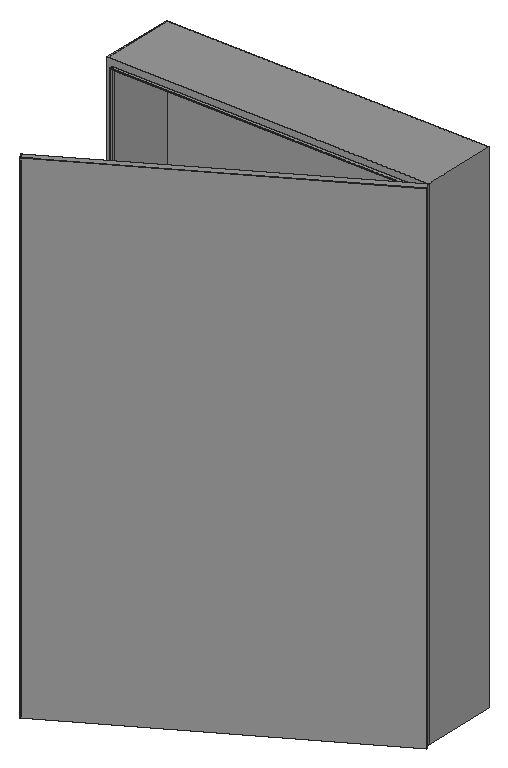
Revit family "Hager-Univers-IP54-D205-H1250-Cl.I-Encl-NoHosted-CH-fr", category Electrical Equipment, Revit 2020
Family settings
  Panel Configuration = Two Columns, Circuits Across
  Round Connector Dimension = Use Diameter
  Part Type = Panelboard
  Work Plane-Based = Yes
  Always vertical = Yes
  Cut with Voids When Loaded = No
  Shared = No
  Room Calculation Point = No
Parameters (values of type "saillie IP54 L800 H1250 P205  - FP83TW2")
  Width Control [instance] = if([EF000008 - largeur] > Min Width, [EF000008 - largeur], Min Width)  # 800 mm
  Type Comments = [HG000003 - Gamme]  # "Univers"
  Thickness Door [instance] = if([EF009171 - épaisseur de matériau de la porte/du couvercle] > 3 mm, 3 mm, [EF009171 - épaisseur de matériau de la porte/du couvercle])  # 1 mm
  Seal Frame Offset [instance] = 17 mm  # constant formula
  Plinth Visibility [instance] = [HG000027 - Hauteur du socle] > 0 mm  # no
  Min Width [instance] = 100 mm  # constant formula
  Min Depth [instance] = (2 * [EF009170 - épaisseur de matériau du boîtier]) + 1 mm  # 3 mm
  Min Height [instance] = 100 mm  # constant formula
  Internal Frame Depth [instance] = (Door System Depth * 0.5)  # 9 mm
  Panel Name [instance] = ""  # (empty or 0)
  Model = ""
  HG000027 - Hauteur du socle = 0 mm
  HG000026 - Installation au sol = no
  HG000024 - Hauteur de la section basse = 600 mm
  HG000023 - Armoire double section = no
  HG000016 - Visibilité de la porte 3D [instance] = yes
  HG000015 - Visibilité de l'emprise de la porte [instance] = no
  HG000014 - Porte à droite [instance] = yes
  HG000013 - Porte à gauche [instance] = not([HG000014 - Porte à droite])  # no
  HG000012 - Angle de pivotement de la porte [instance] = 30.00°
  HG000010 - Portes asymétriques = no
  HG000009 - Porte à double battant = no
  HG000006 - Encastré = no
  HG000004 - Référence fabricant = "FP83TW2"
  HG000003 - Gamme = "Univers"
  HG000002 - avec porte = yes
  Frame Offset Bottom [instance] = 10 mm  # constant formula
  Frame Offset [instance] = 15 mm  # constant formula
  EF015940 - couvercle avec décharge de pression = no
  EF011959 - degré de protection (NEMA) = ""
  EF009554 - nombre d'ouvertures pour plaques à bride = 6
  EF009212 - finition du couvercle = "EV000116 - fermé"
  EF009171 - épaisseur de matériau de la porte/du couvercle = 1 mm
  EF009170 - épaisseur de matériau du boîtier = 1 mm
  EF008873 - courant nominal (In) = 250 A
  EF007800 - adapté à un parafoudre = no
  EF006306 - avec serrure = no
  EF006244 - couvercle/porte transparent(e) = no
  EF005474 - indice de protection (IP) = "EV006419 - IP54"
  EF004464 - type de porte = "EV002646 - unique"
  EF004427 - nombre de modules = 288
  EF004293 - indice de protection contre les chocs (IK) = "EV006815 - IK09"
  EF003532 - convient pour utilisation à l’extérieur = no
  EF002950 - largeur en nombre de modules = 36
  EF001613 - maintien de fonction = "EV000494 - sans"
  EF001596 - matériau du boîtier/corps = "EV000179 - acier"
  EF001131 - profondeur intérieure = 130 mm
  EF001088 - possibilité de montage en saillie = yes
  EF000437 - nombre d'entrées de conduit = 6
  EF000339 - type de capot = "EV001012 - couvercle"
  EF000266 - nombre de rangées = 8
  EF000218 - profondeur d'encastrement = 205 mm
  EF000118 - avec cadre/support de montage = no
  EF000116 - numéro RAL = "9010"
  EF000049 - profondeur = 205 mm
  EF000040 - hauteur = 1250 mm
  EF000008 - largeur = 800 mm
  EF000007 - couleur = "EV000202 - blanc"
  EF000003 - mode de pose = "EV000384 - saillie"
  Door System Leaf Tolerance [instance] = 1.5 mm  # constant formula
  Door System Depth [instance] = 18 mm  # constant formula
  Door Height [instance] = Height Control - [HG000027 - Hauteur du socle]  # 1250 mm
  Description = ""
  Default Elevation = 1219.2 mm
  Connector Offset [instance] = Height Control / 2  # 625 mm
  Manufacturer = "Hager"  # constant formula
  Height Control [instance] = if([EF000040 - hauteur] > Min Height, [EF000040 - hauteur], Min Height)  # 1250 mm
  Depth Control [instance] = if([EF000049 - profondeur] > Min Depth, [EF000049 - profondeur], Min Depth)  # 205 mm
  Bottom Top Plate Trim [instance] = 1.5 mm  # constant formula
  Plinth height Ctrl [instance] = if([HG000027 - Hauteur du socle] > 0 mm, [HG000027 - Hauteur du socle], 12 mm)  # 12 mm
Types (5, lengths in mm): name | Width Control | HG000004 - Référence fabricant | EF009554 - nombre d'ouvertures pour plaques à bride | EF004464 - type de porte | EF004427 - nombre de modules | EF002950 - largeur en nombre de modules | EF000437 - nombre d'entrées de conduit | EF000008 - largeur
  saillie IP54 L1050 H1250 P205  - FP84TW2 | 1050 | "FP84TW2" | 8 | "EV003602 - double" | 384 | 48 | 8 | 1050
  saillie IP54 L1300 H1250 P205  - FP85TW2 | 1300 | "FP85TW2" | 10 | "EV003602 - double" | 480 | 60 | 10 | 1300
  saillie IP54 L300 H1250 P205  - FP81TW2 | 300 | "FP81TW2" | 2 | "EV002646 - unique" | 96 | 12 | 2 | 300
  saillie IP54 L550 H1250 P205  - FP82TW2 | 550 | "FP82TW2" | 4 | "EV002646 - unique" | 192 | 24 | 4 | 550
  saillie IP54 L800 H1250 P205  - FP83TW2 | 800 | "FP83TW2" | 6 | "EV002646 - unique" | 288 | 36 | 6 | 800
Reference planes
  plane 1 "Center (Front/Back)": y = 0
  plane 2: z = 0
  plane 3 "Center (Left/Right)": x = 0
  plane 4: y = 0
  plane 5: y = 0
  plane 6: z = 0
  plane 7: x = -400
  plane 8: x = 400
  plane 9: x = 399
  plane 10: x = -399
  plane 11: z = 0
  plane 12: z = 1
  plane 13: y = -205
  plane 14: y = -1
  plane 15: x = 0
  plane 16: y = -187
  plane 17: y = -204
  plane 18: y = -186
  plane 19: x = -384
  plane 20: x = 384
  plane 21: z = 11
  plane 22: x = -383
  plane 23: x = 383
  plane 24: z = 0
  plane 25: z = 1250
  plane 26: z = 1250
  plane 27: z = 1234
  plane 28: z = 1249
Forms (mm)
  Extrusion 1, solid, material "Hager_Steel_RAL7035_Light_Grey", detail levels medium+fine
    sketch origin (-208.679, -4572, 0) x (-1, 0, 0) y (0, -1, 0)
      loop
        line (191.321, -4385) -> (-608.679, -4385) -> (-608.679, -4572) -> (191.321, -4572) -> (191.321, -4385)
    from 0 to 1250
  Extrusion 2, void
    sketch origin (-350.771, -205, 1219.2) x (1, 0, 0) y (0, 0, 1)
      loop
        line (-48.229, 29.8) -> (-48.229, -1218.2) -> (749.771, -1218.2) -> (749.771, 29.8) -> (-48.229, 29.8)
    from -19 to -204
  Extrusion 3, void
    sketch origin (-290.084, -187, 1219.2) x (1, 0, 0) y (0, 0, 1)
      loop
        line (-93.916, -1208.2) -> (674.084, -1208.2) -> (674.084, 14.8) -> (-93.916, 14.8) -> (-93.916, -1208.2)
    from 0 to -1
  Extrusion 4, solid, material "Hager_Steel_RAL7035_Light_Grey", visible <- "Plinth Visibility", detail levels medium+fine
    sketch origin (0, 0, 0) x (1, 0, 0) y (0, 1, 0)
      loop
        line (-400, 0) -> (-400, -187) -> (400, -187) -> (400, 0) -> (-400, 0)
    from 0 to 12 <- "Plinth height Ctrl"
  Extrusion 5, solid, material "Hager_Steel_RAL7035_Light_Grey", detail levels coarse
    sketch origin (0, 0, 0) x (1, 0, 0) y (0, 1, 0)
      loop
        line (-400, 0) -> (-400, -205) -> (400, -205) -> (400, 0) -> (-400, 0)
    from 0 to 1250 <- "Height Control"
  Sweep 6, void
    path in 3D
      loop
        line (-400, -187, 12) -> (400, -187, 12) -> (400, 0, 12) -> (-400, 0, 12) -> (-400, -187, 12)
    profile origin (-400, -93.5, 12) x (1, 0, 0) y (0, 0, 1)
      loop
        line (0, 0) -> (0, -1.5) -> (1.5, -1.5)
        arc (1.5, -1.5) -> (1.061, -0.439) -> (0, 0) r 1.5
  Extrusion 7, solid, material "Hager_Steel_RAL7035_Light_Grey", detail levels fine
    sketch origin (-400, -187, 0) x (1, 0, 0) y (0, 0, 1)
      loop
        line (16, 11) -> (784, 11) -> (784, 1234) -> (16, 1234) -> (16, 11)
      loop
        line (15, 10) -> (785, 10) -> (785, 1235) -> (15, 1235) -> (15, 10)
    from 0 to 9 <- "Internal Frame Depth"
Cuts and joins
  Extrusion 2, Extrusion 3 cuts Extrusion 1
  Sweep 6 cuts Extrusion 4
Lines and regions (mm)
  Masking region 1
    outline origin (0, 0, 0) x (1, 0, 0) y (0, 1, 0)
      loop
        line (-400, 0) -> (-400, -205) -> (400, -205) -> (400, 0) -> (-400, 0)
  Masking region 2, detail levels coarse
    outline origin (-290.084, -187, 1219.2) x (-1, 0, 0) y (0, 0, 1)
      loop
        line (-690.084, -1219.2) -> (109.916, -1219.2) -> (109.916, 30.8) -> (-690.084, 30.8) -> (-690.084, -1219.2)
  Masking region 3, detail levels coarse
    outline origin (0, 0, 0) x (0, 1, 0) y (0, 0, 1)
      loop
        line (0, 0) -> (0, 1250) -> (-205, 1250) -> (-205, 0) -> (0, 0)
  Masking region 4, visible <- "Plinth Visibility", detail levels medium+fine
    outline origin (0, 0, 0) x (0, 1, 0) y (0, 0, 1)
      loop
        line (-1.5, 12) -> (-185.5, 12)
        arc (-185.5, 12) -> (-185.939, 10.939) -> (-187, 10.5) r 1.5
        line (-187, 10.5) -> (-187, 0) -> (0, 0) -> (0, 10.5)
        arc (0, 10.5) -> (-1.061, 10.939) -> (-1.5, 12) r 1.5
  Masking region 5, detail levels medium+fine
    outline origin (0, 0, 594.038) x (0, 1, 0) y (0, 0, 1)
      loop
        line (0, -594.038) -> (0, 655.962) -> (-187, 655.962) -> (-187, -594.038) -> (0, -594.038)
  Masking region 6, detail levels medium+fine
    outline origin (-359.7, -187, 1211.883) x (-1, 0, 0) y (0, 0, 1)
      loop
        line (-759.7, -1211.883) -> (40.3, -1211.883) -> (40.3, 38.117) -> (-759.7, 38.117) -> (-759.7, -1211.883)
  Masking region 7, visible <- "Plinth Visibility", detail levels medium+fine
    outline origin (-320.334, -187, 1041.368) x (-1, 0, 0) y (0, 0, 1)
      loop
        line (-720.334, -1041.368) -> (79.666, -1041.368) -> (79.666, -1030.868)
        arc (79.666, -1030.868) -> (78.606, -1030.429) -> (78.166, -1029.368) r 1.5
        line (78.166, -1029.368) -> (-718.834, -1029.368)
        arc (-718.834, -1029.368) -> (-719.273, -1030.429) -> (-720.334, -1030.868) r 1.5
        line (-720.334, -1030.868) -> (-720.334, -1041.368)
  sketch lines
    curve 1: line (-400, 0, 12) -> (-400, -187, 12)
    curve 2: line (-400, -187, 12) -> (400, -187, 12)
    curve 3: line (400, 0, 12) -> (-400, 0, 12)
    curve 4: line (400, -187, 12) -> (400, 0, 12)
Dimensions and locks
  locked: plane 1 "Center (Front/Back)" to plane 5
  "EF009170 - épaisseur de matériau du boîtier": plane 7 to plane 10
  "EF009170 - épaisseur de matériau du boîtier": plane 8 to plane 9
  equal spacing: plane 7, plane 3 "Center (Left/Right)", plane 8
  "Width Control": plane 7 to plane 8
  "Depth Control": plane 4 to plane 13
  "EF009170 - épaisseur de matériau du boîtier": plane 4 to plane 14
  "Height Control": plane 25 to level
  "HG000027 - Hauteur du socle": plane 11 to level
  "EF009170 - épaisseur de matériau du boîtier": plane 12 to plane 11
  "EF009170 - épaisseur de matériau du boîtier": plane 17 to plane 13
  "EF009170 - épaisseur de matériau du boîtier": plane 18 to plane 16
  "Frame Offset Bottom": plane 21 to plane 12
  "Frame Offset": plane 10 to plane 19
  "Frame Offset": plane 9 to plane 20
  "Door System Depth": plane 16 to plane 13
  "Seal Frame Offset": plane 7 to plane 22
  "Seal Frame Offset": plane 8 to plane 23
  "EF009170 - épaisseur de matériau du boîtier": plane 26 to plane 28
  "Frame Offset": plane 28 to plane 27
  "Connector Offset": plane 2 to connector elem
  "Bottom Top Plate Trim": profile plane to Sweep 6 sketch curve
  "Bottom Top Plate Trim": Sweep 6 sketch curve to Sweep 6 sketch curve
  "Plinth height Ctrl": Masking region 4 sketch curve to level
  "Plinth height Ctrl": Masking region 7 sketch curve to level
  "Thickness Door": Extrusion 7 sketch curve to Extrusion 7 sketch curve  (x4)
  "Bottom Top Plate Trim": radius of Sweep 6 sketch curve
  "Bottom Top Plate Trim": radius of Masking region 4 sketch curve  (x2)
  "Bottom Top Plate Trim": radius of Masking region 7 sketch curve  (x2)
  aligned and locked: Extrusion 2 sketch curve to plane 12
  aligned and locked: Extrusion 2 sketch curve to plane 9
  aligned and locked: Extrusion 2 sketch curve to plane 10
  aligned and locked: Extrusion 2 to plane 14
  aligned and locked: Extrusion 1 sketch curve to plane 4
  aligned and locked: plane 8 to Extrusion 1 sketch curve
  aligned and locked: plane 7 to Extrusion 1 sketch curve
  aligned and locked: Extrusion 2 to plane 18
  aligned and locked: Extrusion 3 sketch curve to plane 19
  aligned and locked: plane 20 to Extrusion 3 sketch curve
  aligned and locked: Extrusion 3 to Extrusion 2
  aligned and locked: Extrusion 3 sketch curve to plane 21
  aligned and locked: plane 3 "Center (Left/Right)" to nested 1
  aligned and locked: Extrusion 1 sketch curve to plane 16
  aligned and locked: Extrusion 4 sketch curve to cut or joined group of Extrusion 1, Extrusion 2, Extrusion 3
  aligned and locked: Masking region 1 sketch curve to plane 7
  aligned and locked: Masking region 1 sketch curve to plane 5
  aligned and locked: Masking region 1 sketch curve to plane 8
  aligned and locked: Masking region 2 sketch curve to level
  aligned and locked: level to Masking region 3 sketch curve
  aligned and locked: plane 1 "Center (Front/Back)" to Masking region 3 sketch curve
  aligned and locked: plane 13 to Masking region 3 sketch curve
  aligned and locked: plane 5 to Masking region 4 sketch curve
  aligned and locked: Masking region 2 sketch curve to plane 8
  aligned and locked: Masking region 2 sketch curve to plane 7
  aligned and locked: plane 7 to nested 2
  aligned and locked: nested 2 to plane 5
  aligned and locked: plane 5 to Masking region 5 sketch curve
  aligned and locked: plane 26 to Masking region 5 sketch curve
  aligned and locked: Extrusion 5 sketch curve to plane 8
  aligned and locked: Extrusion 5 sketch curve to plane 7
  aligned and locked: Extrusion 5 sketch curve to plane 5
  aligned and locked: Extrusion 3 sketch curve to plane 27
  aligned and locked: Extrusion 2 sketch curve to plane 28
  aligned and locked: Masking region 2 to plane 25
  aligned and locked: Extrusion 4 to plane 16
  aligned and locked: profile plane to Sweep 6 sketch curve
  aligned and locked: Masking region 5 sketch curve to plane 24
  aligned and locked: level to Masking region 4 sketch curve
  aligned and locked: Masking region 1 to plane 13
  aligned and locked: nested 1 to plane 16
  aligned and locked: Masking region 3 to plane 25
  aligned and locked: plane 16 to Masking region 4 sketch curve
  aligned and locked: Masking region 5 sketch curve to plane 16
  aligned and locked: plane 24 to plane 11
  aligned and locked: plane 26 to plane 25
  aligned and locked: plane 26 to cut or joined group of Extrusion 1, Extrusion 2, Extrusion 3
  aligned and locked: nested 1 to plane 24
  aligned and locked: Extrusion 1 to Extrusion 3
  aligned and locked: Masking region 6 sketch curve to plane 8
  aligned and locked: Masking region 6 sketch curve to plane 24
  aligned and locked: Masking region 6 sketch curve to plane 7
  aligned and locked: Masking region 6 sketch curve to plane 26
  aligned and locked: Masking region 7 sketch curve to plane 7
  aligned and locked: level to Masking region 7 sketch curve
  aligned and locked: Masking region 7 sketch curve to plane 8
  aligned and locked: Extrusion 7 sketch curve to cut or joined group of Extrusion 1, Extrusion 2, Extrusion 3  (x4)
Automatic sketch dimensions
  plane 19 to Extrusion 3 sketch curve = 0 mm
  Extrusion 3 sketch curve to plane 20 = 0 mm
  Extrusion 3 sketch curve to plane 21 = 0 mm
  Extrusion 4 sketch curve to plane 7 = 0 mm
  Extrusion 4 sketch curve to plane 8 = 0 mm
  Extrusion 4 sketch curve to plane 16 = 0 mm
  Masking region 1 sketch curve to plane 13 = 0 mm
  Masking region 2 sketch curve to plane 25 = 0 mm
  Masking region 3 sketch curve to plane 25 = 0 mm
  Extrusion 5 sketch curve to plane 13 = 0 mm
  profile plane to Sweep 6 sketch curve = 0 mm
Nested families
  nested 1: "EC000058_Univers_Door" at (0, -187, 0), Double <- "HG000009 - Porte à double battant", Transparent <- "EF006244 - couvercle/porte transparent(e)", Angle <- "HG000012 - Angle de pivotement de la porte", Door_Right <- "HG000014 - Porte à droite", Assymetrical <- "HG000010 - Portes asymétriques", Door <- "HG000002 - avec porte", Width_Ctrl <- "Width Control", 3d_Door <- "HG000016 - Visibilité de la porte 3D", Clearance <- "HG000015 - Visibilité de l'emprise de la porte", Door_Left <- "HG000013 - Porte à gauche", Width <- "Width Control", Door_Depth <- "Door System Depth", Leaf_Tolerance <- "Door System Leaf Tolerance", Height <- "Door Height", Lock_Visibility <- "EF006306 - avec serrure", Thickness <- "Thickness Door", type "EC000058_Univers_Door", detail levels medium+fine
    with min_wh 3 mm, Width_Ctrl 800 mm, Width 800 mm, Transparent no, Thickness 1 mm, Seal_Material Hager_Rubber, Lock_Visibility no, Lock_Material Hager_Plastic_RAL9005_Jet_Black, Leaf_Width 800 mm, Leaf_Tolerance_External_Sides 0 mm, Leaf_Tolerance 1.5 mm, Leaf_Offset 0 mm, Leaf_Height 1247 mm, Leaf_2_Width 800 mm, Leaf_2_Offset 400 mm, Leaf_1_Width 800 mm, Leaf_1_Offset 400 mm, Height_Ctrl 1250 mm, Height 1250 mm, Glass_Material Hager_Glass, Double_Clearance_Ctrl no, Double no, Door_Right_Ctrl yes, Door_Right yes, Door_Material Hager_Steel_RAL7035_Light_Grey, Door_Left_Ctrl no, Door_Left no, Door_Depth 18 mm, Door yes, Clearance_Material Hager_Clearance, Clearance_Depth 800 mm, Clearance_Ctrl no, Clearance no, Assymetrical no, Angle 30.00°, 3d_Door yes
  nested 2: "Hager_Enclosure_Symbol" at (-400, 0, 0), Height <- "Depth Control", Width <- "Width Control", type "Hager_Enclosure_Symbol"
    with Width_Ctrl 800 mm, Width 800 mm, Height_Ctrl 205 mm, Height 205 mm, A_Width_Int 13.453 mm, A_Width 161.438 mm, A_Height_Ctrl 179.375 mm, A_Height 179.375 mm
Connectors
  electrical at (0, 0, 625)
    settings: on plane 1 "Center (Front/Back)", index 1, voltage 0 V, apparent load 0 VA, apparent load phase1 0 VA, apparent load phase2 0 VA, apparent load phase3 0 VA, power factor 1, load classification "Other", number of poles 1, system type 30, power factor state 1, is connector primary yes, connector utility no, sub classification motor no, connector description ""
Definition of nested family "EC000058_Univers_Door"
  Parameters (values of type "EC000058_Univers_Door")
    min_wh [instance] = (2 * Thickness) + 1 mm  # 11 mm
    Width_Ctrl [instance] = 400 mm
    Width [instance] = 500 mm
    Transparent [instance] = yes
    Thickness [instance] = 5 mm
    Seal_Material [instance] = none
    Lock_Visibility [instance] = yes
    Lock_Material [instance] = none
    Leaf_Width [instance] = if((Width_Ctrl - 2 * Leaf_Tolerance_External_Sides) > 0 mm, (Width_Ctrl - 2 * Leaf_Tolerance_External_Sides), min_wh)  # 400 mm
    Leaf_Tolerance_External_Sides [instance] = 0 mm  # constant formula
    Leaf_Tolerance [instance] = 1.5 mm
    Leaf_Offset [instance] = 0 mm  # constant formula
    Leaf_Height [instance] = if((Height_Ctrl - 2 * Leaf_Tolerance) > 0 mm, (Height_Ctrl - 2 * Leaf_Tolerance), min_wh)  # 497 mm
    Leaf_2_Width [instance] = if(and(and(Double, Assymetrical), Door_Left), (Leaf_Width / 3) - (Leaf_Tolerance / 2), if(and(and(Double, Assymetrical), Door_Right), (Leaf_Width / 3) * 2 - (Leaf_Tolerance / 2), if(and(Double, not(Assymetrical)), (Leaf_Width / 2) - Leaf_Tolerance, Leaf_Width)))  # 400 mm
    Leaf_2_Offset [instance] = if(and(Double, Assymetrical), Leaf_2_Width / 2, if(and(Double, not(Assymetrical)), Leaf_Width / 4, Leaf_Width / 2))  # 200 mm
    Leaf_1_Width [instance] = if(and(and(Double, Assymetrical), Door_Right), (Leaf_Width / 3) - (Leaf_Tolerance / 2), if(and(and(Double, Assymetrical), Door_Left), (Width / 3) * 2 - (Leaf_Tolerance / 2), if(and(Double, not(Assymetrical)), (Leaf_Width / 2) - Leaf_Tolerance, Leaf_Width)))  # 400 mm
    Leaf_1_Offset [instance] = if(and(Double, Assymetrical), Leaf_1_Width / 2, if(and(Double, not(Assymetrical)), Leaf_Width / 4, Leaf_Width / 2))  # 200 mm
    Height_Ctrl [instance] = if(Height > min_wh, Height, min_wh)  # 500 mm
    Height [instance] = 500 mm
    Glass_Material [instance] = none
    Double_Clearance_Ctrl [instance] = and(Double, Clearance)  # no
    Double [instance] = no
    Door_Right_Ctrl [instance] = and(or(Door_Right, Double), Door)  # yes
    Door_Right [instance] = yes
    Door_Material [instance] = none
    Door_Left_Ctrl [instance] = and(or(Door_Left, Double), Door)  # no
    Door_Left [instance] = no
    Door_Depth [instance] = 30 mm
    Door [instance] = yes
    Default Elevation = 1219.2 mm
    Clearance_Material [instance] = none
    Clearance_Depth [instance] = if(Leaf_1_Width > Leaf_2_Width, Leaf_1_Width, Leaf_2_Width)  # 400 mm
    Clearance_Ctrl [instance] = and(not(Double), Clearance)  # yes
    Clearance [instance] = yes
    Assymetrical [instance] = yes
    Angle [instance] = 30.00°
    3d_Door [instance] = yes
  Reference planes
    plane 1 "Center (Front/Back)": y = 0
    plane 2 "Bottom": z = 0
    plane 3 "Center (Left/Right)": x = 0
    plane 4: z = 500
    plane 5: x = -200
    plane 6: x = 200
    plane 7: z = 500
    plane 8: x = -200
    plane 9: z = 0
    plane 10: x = 200
    plane 11: y = 0
    plane 12: z = 1.5
    plane 13: x = -600
    plane 14: y = -400
    plane 15: x = 600
    plane 16: x = 0
    plane 17: x = 0
    plane 18: x = -200
    plane 19: x = 200
    plane 20: z = 498.5
  Forms (mm)
    Extrusion 1, solid, material <- "Clearance_Material", visible <- "Double_Clearance_Ctrl"
      sketch origin (1200, 0, 0) x (1, 0, 0) y (0, 0, -1)
        loop
          line (-1800, -498.5) -> (-600, -498.5) -> (-600, 0) -> (-1800, 0) -> (-1800, -498.5)
      from 0 to -400
  Dimensions and locks
    equal spacing: plane 5, plane 3 "Center (Left/Right)", plane 6
    "Width_Ctrl": plane 5 to plane 6
    "Leaf_Offset": plane 5 to plane 8
    "Leaf_Offset": plane 6 to plane 10
    "Leaf_Offset": plane 9 to level
    "Leaf_Offset": plane 4 to plane 7
    "Height_Ctrl": plane 4 to level
    "Leaf_Tolerance": plane 12 to plane 9
    locked: plane 11 to plane 1 "Center (Front/Back)"
    "Leaf_1_Offset": plane 18 to plane 16
    "Leaf_2_Offset": plane 17 to plane 19
    "Leaf_1_Width": plane 13 to plane 8
    "Leaf_2_Width": plane 10 to plane 15
    "Clearance_Depth": plane 14 to plane 1 "Center (Front/Back)"
    "Leaf_Tolerance_External_Sides": plane 8 to plane 18
    "Leaf_Tolerance_External_Sides": plane 19 to plane 10
    "Leaf_Tolerance": plane 7 to plane 20
    aligned and locked: level to plane 2 "Bottom"
    aligned and locked: nested 1 to plane 16
    aligned and locked: nested 2 to plane 17
    aligned and locked: Extrusion 1 to plane 13
    aligned and locked: plane 15 to Extrusion 1
    aligned and locked: Extrusion 1 to plane 14
    aligned and locked: plane 12 to nested 1
    aligned and locked: nested 2 to plane 12
    aligned and locked: Extrusion 1 to plane 11
    aligned and locked: plane 20 to Extrusion 1
    aligned and locked: nested 2 to plane 11
    aligned and locked: nested 1 to plane 11
  Automatic sketch dimensions
    Extrusion 1 sketch curve to level = 0 mm
    plane 5 to Extrusion 1 sketch curve = 400 mm
    plane 6 to Extrusion 1 sketch curve = 400 mm
    Extrusion 1 sketch curve to plane 4 = 1.5 mm
  Nested families
    nested 1: "EC000058_Univers_Door_Leaf" at (0, 0, 1.5), Width <- "Leaf_1_Width", visible <- "Door_Left_Ctrl", Leaf_Height <- "Leaf_Height", Angle <- "Angle", 3d_Door <- "3d_Door", Transparent <- "Transparent", Clearance Material <- "Clearance_Material", Clearance <- "Clearance_Ctrl", Door_Material <- "Door_Material", Glass_Material <- "Glass_Material", Door_Depth <- "Door_Depth", Lock_Material <- "Lock_Material", Seal_Material <- "Seal_Material", Lock_Visibility <- "Lock_Visibility", Thickness <- "Thickness", type "EC000058_Univers_Door_Leaf"
      with Width 400 mm, Transparent_Glass_Offset 30 mm, Transparent_Ctrl yes, Transparent yes, Thickness 5 mm, Standard no, Seal_Material none, Seal_D2 8 mm, Seal_D1 1 mm, Offset_Internal_Frame 10 mm, Lock_Width 20 mm, Lock_Visibility_3d yes, Lock_Visibility yes, Lock_Thickness_3 3 mm, Lock_Thickness_2 1 mm, Lock_Thickness_1 3 mm, Lock_Radius_Offset_2 16 mm, Lock_Radius_Offset_1 15 mm, Lock_Radius_2 5 mm, Lock_Radius 6 mm, Lock_Offset 5 mm, Lock_Material none, Lock_Height 80 mm, Lock_Cover_Top_Offset_2d 17 mm, Lock_Cover_Height -65 mm, Leaf_Height 497 mm, Internal_Seal_Thickness 8 mm, Internal_Seal_Depth_2 4.5 mm, Internal_Frame_Depth 25 mm, Glass_Thickness -1 mm, Glass_Offset -2 mm, Glass_Material none, Door_Material none, Door_Depth 30 mm, Clearance Material none, Clearance yes, Angle_Ctrl 30.00°, Angle 30.00°, 3d_Door yes
    nested 2: "EC000058_Univers_Door_Leaf" at (0, 0, 1.5) x (-1, 0, 0) z (0, 0, 1), Width <- "Leaf_2_Width", visible <- "Door_Right_Ctrl", Leaf_Height <- "Leaf_Height", Angle <- "Angle", 3d_Door <- "3d_Door", Transparent <- "Transparent", Clearance Material <- "Clearance_Material", Clearance <- "Clearance_Ctrl", Door_Material <- "Door_Material", Glass_Material <- "Glass_Material", Door_Depth <- "Door_Depth", Lock_Material <- "Lock_Material", Seal_Material <- "Seal_Material", Lock_Visibility <- "Lock_Visibility", Thickness <- "Thickness", type "EC000058_Univers_Door_Leaf"
      with Width 400 mm, Transparent_Glass_Offset 30 mm, Transparent_Ctrl yes, Transparent yes, Thickness 5 mm, Standard no, Seal_Material none, Seal_D2 8 mm, Seal_D1 1 mm, Offset_Internal_Frame 10 mm, Lock_Width 20 mm, Lock_Visibility_3d yes, Lock_Visibility yes, Lock_Thickness_3 3 mm, Lock_Thickness_2 1 mm, Lock_Thickness_1 3 mm, Lock_Radius_Offset_2 16 mm, Lock_Radius_Offset_1 15 mm, Lock_Radius_2 5 mm, Lock_Radius 6 mm, Lock_Offset 5 mm, Lock_Material none, Lock_Height 80 mm, Lock_Cover_Top_Offset_2d 17 mm, Lock_Cover_Height -65 mm, Leaf_Height 497 mm, Internal_Seal_Thickness 8 mm, Internal_Seal_Depth_2 4.5 mm, Internal_Frame_Depth 25 mm, Glass_Thickness -1 mm, Glass_Offset -2 mm, Glass_Material none, Door_Material none, Door_Depth 30 mm, Clearance Material none, Clearance yes, Angle_Ctrl 30.00°, Angle 30.00°, 3d_Door yes
  Definition of nested family "EC000058_Univers_Door_Leaf"
    Parameters (values of type "EC000058_Univers_Door_Leaf")
      Width [instance] = 2000 mm
      Transparent_Glass_Offset [instance] = 30 mm
      Transparent_Ctrl [instance] = and(Transparent, [3d_Door])  # yes
      Transparent [instance] = yes
      Thickness [instance] = 5 mm
      Standard [instance] = and(not(Transparent), [3d_Door])  # no
      Seal_Material [instance] = none
      Seal_D2 [instance] = 8 mm  # constant formula
      Seal_D1 [instance] = 1 mm  # constant formula
      Offset_Internal_Frame [instance] = 10 mm  # constant formula
      Lock_Width [instance] = 20 mm  # constant formula
      Lock_Visibility_3d [instance] = and(Lock_Visibility, [3d_Door])  # yes
      Lock_Visibility [instance] = yes
      Lock_Thickness_3 [instance] = 3 mm  # constant formula
      Lock_Thickness_2 [instance] = 1 mm  # constant formula
      Lock_Thickness_1 [instance] = 3 mm  # constant formula
      Lock_Radius_Offset_2 [instance] = Lock_Radius_Offset_1 + 1 mm  # 16 mm
      Lock_Radius_Offset_1 [instance] = 15 mm  # constant formula
      Lock_Radius_2 [instance] = Lock_Radius - 1 mm  # 5 mm
      Lock_Radius [instance] = 6 mm  # constant formula
      Lock_Offset [instance] = 5 mm  # constant formula
      Lock_Material [instance] = none
      Lock_Height [instance] = 80 mm  # constant formula
      Lock_Cover_Top_Offset_2d [instance] = Lock_Radius_Offset_2 + 1 mm  # 17 mm
      Lock_Cover_Height [instance] = -(Lock_Height - Lock_Radius_Offset_1)  # -65 mm
      Leaf_Height [instance] = 2720.336 mm
      Internal_Seal_Thickness [instance] = 8 mm  # constant formula
      Internal_Seal_Depth_2 [instance] = 4.5 mm  # constant formula
      Internal_Frame_Depth [instance] = if(Door_Depth - Thickness > 5 mm, Door_Depth - Thickness, 5 mm)  # 25 mm
      Glass_Thickness [instance] = if(Thickness > 15 mm, Glass_Offset + 10 mm, -1 mm)  # -1 mm
      Glass_Offset [instance] = if(Thickness > 15 mm, -(Thickness + 10 mm) / 2, -2 mm)  # -2 mm
      Glass_Material [instance] = none
      Door_Material [instance] = none
      Door_Depth [instance] = 30 mm
      Default Elevation = 0 mm
      Clearance Material [instance] = none
      Clearance [instance] = yes
      Angle_Ctrl [instance] = if(Angle > 180.00°, 180.00°, Angle)  # 90.00°
      Angle [instance] = 90.00°
      3d_Door [instance] = yes
    Reference planes
      plane 1 "Center (Front/Back)": y = 0
      plane 2: z = 0
      plane 3 "Center (Left/Right)": x = 0
      plane 4: y = 2000
      plane 5: x = -1000
      plane 6: x = 1000
      plane 7: x = -3000
      plane 8: z = 2720.336
      plane 9: z = 30
      plane 10: z = 2690.336
      plane 11: x = 970
      plane 12: x = -970
      plane 13: y = -3
      plane 14: z = 107.833
      plane 15: y = -5
      plane 16: y = -223.314
      plane 17: x = -1000
      plane 18: z = 1360.168
      plane 19: y = 30
    Forms (mm)
      Extrusion 1, solid, material <- "Clearance Material", visible <- "Clearance"
        sketch origin (0, 0, 0) x (1, 0, 0) y (0, 0, 1)
          loop
            line (-3000, 2720.336) -> (-3000, 0) -> (1000, 0) -> (1000, 2720.336) -> (-3000, 2720.336)
        from 0 to -2000
      Extrusion 2, solid, material <- "Door_Material", visible <- "Standard", detail levels medium+fine
        sketch origin (-1000, 0, 0) x (0, 1, 0) y (-1, 0, 0)
          loop
            line (0, 30) -> (0, 25) -> (2000, 25) -> (2000, 30) -> (0, 30)
        from 0 to 2720.336 <- "Leaf_Height"
      Extrusion 3, solid, material <- "Door_Material", visible <- "Transparent_Ctrl", detail levels medium+fine
        sketch origin (-1000, 0, 0) x (0, 1, 0) y (-1, 0, 0)
          loop
            line (0, 25) -> (2000, 25) -> (2000, 30) -> (0, 30) -> (0, 25)
        from 0 to 2720.336 <- "Leaf_Height"
      Extrusion 4, void
        sketch origin (-1025, 2000, 0) x (0, 1, 0) y (0, 0, -1)
          loop
            line (-30, -2690.336) -> (-30, -30) -> (-1970, -30) -> (-1970, -2690.336) -> (-30, -2690.336)
        from 0 to 5 <- "Thickness"
      Sweep 5, solid, material <- "Seal_Material", visible <- "Transparent_Ctrl", detail levels fine
        path in 3D
          loop
            line (-1025, 30, 30) -> (-1025, 30, 2690.336) -> (-1025, 1970, 2690.336) -> (-1025, 1970, 30) -> (-1025, 30, 30)
        profile origin (-1025, 1000, 30) x (1, 0, 0) y (0, 0, 1)
          loop
            line (0, 0) -> (0, -8) -> (1, -8) -> (1, 0) -> (0, 0)
      Extrusion 6, solid, material <- "Glass_Material", visible <- "Transparent_Ctrl", detail levels medium+fine
        sketch origin (-1030, 0, 0) x (0, 1, 0) y (0, 0, -1)
          loop
            line (1970, -2690.336) -> (1970, -30) -> (30, -30) -> (30, -2690.336) -> (1970, -2690.336)
        from -2 <- "Glass_Offset" to -1 <- "Glass_Thickness"
      Extrusion 7, solid, material <- "Door_Material", visible <- "3d_Door", detail levels medium+fine
        sketch origin (-1025, 2000, 0) x (0, -1, 0) y (0, 0, -1)
          loop
            line (0, -2720.336) -> (2000, -2720.336) -> (2000, 0) -> (0, 0) -> (0, -2720.336)
          loop
            line (1995, -5) -> (5, -5) -> (5, -2715.336) -> (1995, -2715.336) -> (1995, -5)
        from 0 to 25 <- "Internal_Frame_Depth"
      Sweep 8, solid, material <- "Seal_Material", visible <- "Transparent_Ctrl", detail levels fine
        path in 3D
          loop
            line (-1025, 0, 0) -> (-1025, 2000, 0) -> (-1025, 2000, 2720.336) -> (-1025, 0, 2720.336) -> (-1025, 0, 0)
        profile origin (-1025, 0, 1360.168) x (1, 0, 0) y (0, 1, 0)
          loop
            line (0, 10) -> (2.975, 10)
            arc (2.975, 10) -> (4.053, 10.447) -> (4.5, 11.525) r 1.525
            line (4.5, 11.525) -> (4.5, 16.527)
            arc (4.5, 16.527) -> (4.069, 17.569) -> (3.027, 18) r 1.473
            line (3.027, 18) -> (0, 18) -> (0, 10)
      Extrusion 9, solid, material <- "Lock_Material", visible <- "Lock_Visibility_3d", detail levels fine
        sketch origin (-1030, 0, 0) x (0, 1, 0) y (0, 0, -1)
          loop
            arc (1993.5, -1400.168) -> (1994.561, -1399.729) -> (1995, -1398.668) r 1.5
            line (1995, -1398.668) -> (1995, -1320.168) -> (1975, -1320.168) -> (1975, -1398.668)
            arc (1975, -1398.668) -> (1975.439, -1399.729) -> (1976.5, -1400.168) r 1.5
            line (1976.5, -1400.168) -> (1993.5, -1400.168)
        from 3 <- "Lock_Thickness_1" to 0
      Blend 10, solid, material <- "Lock_Material", visible <- "Lock_Visibility_3d", detail levels fine
        base sketch origin (-1033, 0, 0) x (0, 1, 0) y (0, 0, -1)
          loop
            line (1975, -1320.168) -> (1975, -1398.668)
            arc (1975, -1398.668) -> (1975.439, -1399.729) -> (1976.5, -1400.168) r 1.5
            line (1976.5, -1400.168) -> (1993.5, -1400.168)
            arc (1993.5, -1400.168) -> (1994.561, -1399.729) -> (1995, -1398.668) r 1.5
            line (1995, -1398.668) -> (1995, -1320.168) -> (1975, -1320.168)
        top sketch origin (-1033, 0, 0) x (0, 1, 0) y (0, 0, -1)
          loop
            line (1976, -1320.168) -> (1976, -1398.668)
            arc (1976, -1398.668) -> (1976.146, -1399.022) -> (1976.5, -1399.168) r 0.5
            line (1976.5, -1399.168) -> (1993.5, -1399.168)
            arc (1993.5, -1399.168) -> (1993.854, -1399.022) -> (1994, -1398.668) r 0.5
            line (1994, -1398.668) -> (1994, -1320.168) -> (1976, -1320.168)
        from 0 to 1 <- "Lock_Thickness_2"
      Blend 11, solid, material <- "Lock_Material", visible <- "Lock_Visibility_3d", detail levels fine
        base sketch origin (-1034, 0, 0) x (0, 1, 0) y (0, 0, -1)
          loop
            line (1978, -1320.168) -> (1978, -1384.168)
            arc (1978, -1384.168) -> (1985, -1391.168) -> (1992, -1384.168) r 7
            line (1992, -1384.168) -> (1992, -1320.168) -> (1978, -1320.168)
        top sketch origin (-1034, 0, 0) x (0, 1, 0) y (0, 0, -1)
          loop
            line (1991, -1320.168) -> (1979, -1320.168) -> (1979, -1383.168)
            arc (1979, -1383.168) -> (1985, -1389.168) -> (1991, -1383.168) r 6
            line (1991, -1383.168) -> (1991, -1320.168)
        from 0 to 3 <- "Lock_Thickness_3"
      Extrusion 12, solid, material <- "Lock_Material", visible <- "Lock_Visibility_3d", detail levels fine
        sketch origin (-1030, 1975, 1320.168) x (1, 0, 0) y (0, -1, 0)
          loop
            line (-7, -19) -> (-7, -1) -> (0, -1) -> (0, 0) -> (-8, 0) -> (-8, -20) -> (0, -20) -> (0, -19) -> (-7, -19)
        from 0 to -65 <- "Lock_Cover_Height"
      Extrusion 13, void
        sketch origin (-1038, 1995, 1320.168) x (-1, 0, 0) y (0, 0, -1)
          loop
            line (-5, -65) -> (0, -65) -> (-5, -60) -> (-5, -65)
        from 0 to 20 <- "Lock_Width"
      Extrusion 14, void
        sketch origin (-1038, 1975, 1320.168) x (0, -1, 0) y (0, 0, -1)
          loop
            circle (-10, -15.995) r 6
          loop
            circle (-10, -15.995) r 5
        from 0 to 2
      Extrusion 15, solid, material <- "Lock_Material", visible <- "Lock_Visibility_3d", detail levels medium
        sketch origin (-1030, 0, 0) x (0, 1, 0) y (0, 0, -1)
          loop
            arc (1993.5, -1400.168) -> (1994.561, -1399.729) -> (1995, -1398.668) r 1.5
            line (1995, -1398.668) -> (1995, -1320.168) -> (1975, -1320.168) -> (1975, -1398.668)
            arc (1975, -1398.668) -> (1975.439, -1399.729) -> (1976.5, -1400.168) r 1.5
            line (1976.5, -1400.168) -> (1993.5, -1400.168)
        from 8 to 0
    Cuts and joins
      Extrusion 4 cuts Extrusion 3
      Extrusion 13, Extrusion 14 cuts Extrusion 9
      Extrusion 14 cuts Blend 11
      Extrusion 13, Extrusion 14 cuts Extrusion 12
      joined: Extrusion 9, Blend 10, Blend 11, Extrusion 12
      Extrusion 14 cuts Extrusion 15
    Lines and regions (mm)
      Masking region 1, visible <- "Lock_Visibility", detail levels fine
        outline origin (0, 0, 0) x (0, 1, 0) y (0, 0, 1)
          loop
            line (30, 1320.168) -> (33, 1320.168) -> (33, 1400.168) -> (30, 1400.168) -> (30, 1320.168)
      Masking region 2, visible <- "Lock_Visibility", detail levels fine
        outline origin (0, 3.143, 0) x (0, 1, 0) y (0, 0, 1)
          loop
            line (29.857, 1354.168) -> (30.857, 1354.168) -> (30.857, 1366.168) -> (29.857, 1366.168) -> (29.857, 1354.168)
      Masking region 3, detail levels medium+fine
        outline origin (0, 0, 0) x (0, 1, 0) y (0, 0, 1)
          loop
            line (0, 0) -> (30, 0) -> (30, 2720.336) -> (0, 2720.336) -> (0, 0)
      Masking region 4, detail levels medium+fine
        outline origin (0, 0, 0) x (1, 0, 0) y (0, 0, 1)
          loop
            line (-1000, 2720.336) -> (-1000, 0) -> (1000, 0) -> (1000, 2720.336) -> (-1000, 2720.336)
      Masking region 5, visible <- "Lock_Visibility", detail levels fine
        outline origin (-47.116, 0, 0) x (1, 0, 0) y (0, 0, 1)
          loop
            arc (1024.616, 1399.168) -> (1023.556, 1398.729) -> (1023.116, 1397.668) r 1.5
            line (1023.116, 1397.668) -> (1023.116, 1320.168) -> (1041.116, 1320.168) -> (1041.116, 1397.668)
            arc (1041.116, 1397.668) -> (1040.677, 1398.729) -> (1039.616, 1399.168) r 1.5
            line (1039.616, 1399.168) -> (1024.616, 1399.168)
      Masking region 6, visible <- "Lock_Visibility", detail levels medium+fine
        outline origin (-25, 0, 0) x (1, 0, 0) y (0, 0, 1)
          loop
            arc (1001.5, 1400.168) -> (1000.439, 1399.729) -> (1000, 1398.668) r 1.5
            line (1000, 1398.668) -> (1000, 1320.168) -> (1020, 1320.168) -> (1020, 1398.668)
            arc (1020, 1398.668) -> (1019.561, 1399.729) -> (1018.5, 1400.168) r 1.5
            line (1018.5, 1400.168) -> (1001.5, 1400.168)
      Masking region 7, visible <- "Lock_Visibility", detail levels fine
        outline origin (-73.735, 0, 0) x (1, 0, 0) y (0, 0, 1)
          loop
            line (1051.735, 1382.168) -> (1065.735, 1382.168) -> (1065.735, 1384.168)
            arc (1065.735, 1384.168) -> (1058.735, 1391.168) -> (1051.735, 1384.168) r 7
            line (1051.735, 1384.168) -> (1051.735, 1382.168)
      Masking region 8, visible <- "Lock_Visibility", detail levels fine
        outline origin (-73.735, 0, 0) x (1, 0, 0) y (0, 0, 1)
          loop
            line (1052.735, 1382.168) -> (1064.735, 1382.168) -> (1064.735, 1383.168)
            arc (1064.735, 1383.168) -> (1058.735, 1389.168) -> (1052.735, 1383.168) r 6
            line (1052.735, 1383.168) -> (1052.735, 1382.168)
      Masking region 9, visible <- "Lock_Visibility", detail levels fine
        outline origin (-25, 0, 0) x (1, 0, 0) y (0, 0, 1)
          loop
            line (1020, 1320.168) -> (1020, 1382.168) -> (1000, 1382.168) -> (1000, 1320.168) -> (1020, 1320.168)
      Masking region 10, detail levels medium+fine
        outline origin (0, 0, 0) x (1, 0, 0) y (0, 0, 1)
          loop
            circle (985, 1335.144) r 6
      Masking region 11, detail levels fine
        outline origin (0, 0, 0) x (1, 0, 0) y (0, 0, 1)
          loop
            circle (985, 1335.144) r 5
      Masking region 12, visible <- "Lock_Visibility", detail levels fine
        outline origin (0, 12.767, 0) x (0, 1, 0) y (0, 0, 1)
          loop
            line (20.233, 1320.168) -> (21.233, 1320.168) -> (21.233, 1399.168) -> (20.233, 1400.168) -> (20.233, 1320.168)
      Masking region 13, visible <- "Lock_Visibility", detail levels fine
        outline origin (0, 13.767, -10) x (0, 1, 0) y (0, 0, 1)
          loop
            line (20.233, 1330.168) -> (23.233, 1330.168) -> (23.233, 1399.168) -> (20.233, 1402.168) -> (20.233, 1330.168)
      Masking region 14, visible <- "Lock_Visibility", detail levels fine
        outline origin (0, 12.767, -10) x (0, 1, 0) y (0, 0, 1)
          loop
            line (20.233, 1330.168) -> (25.233, 1330.168) -> (25.233, 1399.305) -> (20.233, 1394.305) -> (20.233, 1330.168)
      Masking region 15, visible <- "Lock_Visibility", detail levels medium
        outline origin (0, 0, 0) x (0, 1, 0) y (0, 0, 1)
          loop
            line (30, 1320.168) -> (38, 1320.168) -> (38, 1400.168) -> (30, 1400.168) -> (30, 1320.168)
      Masking region 16, visible <- "Lock_Visibility", detail levels fine
        outline origin (-1000, 0, 0) x (0, 1, 0) y (-1, 0, 0)
          loop
            line (1975, 30) -> (1995, 30) -> (1995, 38) -> (1975, 38) -> (1975, 30)
          loop
            line (1979, 37) -> (1976, 37) -> (1976, 34) -> (1978, 34) -> (1979, 37)
          loop
            line (1994, 37) -> (1991, 37) -> (1992, 34) -> (1994, 34) -> (1994, 37)
      Masking region 17, visible <- "Lock_Visibility", detail levels medium
        outline origin (-1000, 0, 0) x (0, 1, 0) y (-1, 0, 0)
          loop
            line (1975, 30) -> (1995, 30) -> (1995, 38) -> (1975, 38) -> (1975, 30)
      symbolic lines
        curve 1: line (1000, 0, 0) -> (-3000, 0, 0)
        curve 2: arc (1000, 0, 0) -> (-1000, 2000, 0) -> (-3000, 0, 0) r 2000
        curve 4: line (-1030, 0, 0) -> (-1030, 2000, 0)
      reference lines
        curve 3: line (-1000, 0, 0) -> (-1000, 2000, 0)
      symbolic lines, detail levels medium+fine
        curve 5: line (-1030, 2000, 0) -> (-1025, 2000, 0)
        curve 7: line (-1025, 0, 0) -> (-1030, 0, 0)
        curve 8: line (-1025, 0, 0) -> (-1000, 0, 0)
        curve 9: line (-1000, 0, 0) -> (-1000, 2000, 0)
        curve 10: line (-1000, 2000, 0) -> (-1025, 2000, 0)
      symbolic lines, detail levels fine
        curve 6: line (-1025, 2000, 0) -> (-1025, 0, 0)
      sketch lines
        curve 11: line (-1025, 0, 2720.336) -> (-1025, 0, 0)
        curve 12: line (-1025, 2000, 0) -> (-1025, 0, 0)
        curve 13: line (-1025, 2000, 2720.336) -> (-1025, 2000, 0)
        curve 14: line (-1025, 0, 2720.336) -> (-1025, 2000, 2720.336)
        curve 15: line (-1025, 1970, 30) -> (-1025, 30, 30)
        curve 16: line (-1025, 30, 30) -> (-1025, 30, 2690.336)
        curve 17: line (-1025, 1970, 2690.336) -> (-1025, 1970, 30)
        curve 18: line (-1025, 30, 2690.336) -> (-1025, 1970, 2690.336)
      symbolic lines, visible <- "Transparent", detail levels medium+fine
        curve 19: line (-970, 0, 2690.336) -> (970, 0, 2690.336)
        curve 20: line (-970, 0, 30) -> (-970, 0, 2690.336)
        curve 21: line (970, 0, 30) -> (-970, 0, 30)
        curve 22: line (970, 0, 2690.336) -> (970, 0, 30)
    Dimensions and locks
      "Width": plane 1 "Center (Front/Back)" to plane 4
      equal spacing: plane 5, plane 3 "Center (Left/Right)", plane 6
      "Width": plane 5 to plane 6
      "Width": plane 7 to plane 5
      "Leaf_Height": plane 8 to level
      "Width": curve 5 to curve 3
      "Width": curve 3 to curve 3
      plane 8 to plane 10 = 30 mm
      plane 9 to level = 30 mm
      plane 12 to plane 5 = 30 mm
      plane 6 to plane 11 = 30 mm
      Extrusion 1 to Extrusion 4 sketch curve = 30 mm
      "Transparent_Glass_Offset": curve 3 to Extrusion 4 sketch curve
      "Transparent_Glass_Offset": Extrusion 4 sketch curve to cut or joined group of Extrusion 3, Extrusion 4  (x2)
      cut or joined group of Extrusion 3, Extrusion 4 to Extrusion 6 sketch curve = 30 mm
      "Transparent_Glass_Offset": cut or joined group of Extrusion 3, Extrusion 4 to Extrusion 4 sketch curve
      "Thickness": curve 6 to curve 4
      "Thickness": Extrusion 7 sketch curve to Extrusion 7 sketch curve  (x4)
      "Door_Depth": curve 4 to curve 3
      "Offset_Internal_Frame": profile plane to Sweep 8 sketch curve
      "Internal_Seal_Thickness": Sweep 8 sketch curve to Sweep 8 sketch curve
      "Internal_Seal_Depth_2": profile plane to Sweep 8 sketch curve
      "Seal_D1": profile plane to Sweep 5 sketch curve
      "Seal_D2": profile plane to Sweep 5 sketch curve
      "Thickness": Extrusion 2 sketch curve to Extrusion 2 sketch curve
      equal spacing: Extrusion 9 sketch curve, plane 18, Extrusion 9 sketch curve  (x2)
      equal spacing: Masking region 1 sketch curve, plane 18, Masking region 1 sketch curve
      "Lock_Height": Masking region 1 sketch curve to Masking region 1 sketch curve
      "Lock_Radius": Masking region 2 sketch curve to plane 18 to Masking region 2 sketch curve
      Masking region 2 sketch curve to Masking region 1 = 1 mm
      "Door_Depth": plane 19 to plane 1 "Center (Front/Back)"
      "Lock_Thickness_1": Masking region 1 sketch curve to plane 19
      "Lock_Width": Extrusion 9 sketch curve to Extrusion 9 sketch curve
      "Lock_Height": Extrusion 9 sketch curve to Extrusion 9 sketch curve
      "Lock_Offset": cut or joined group of Extrusion 3, Extrusion 4 to Extrusion 9 sketch curve
      equal spacing: plane 8, plane 18, level
      "Lock_Radius_Offset_1": Blend 11 sketch curve to Blend 10
      locked: Blend 10 to Blend 11 sketch curve at 2  (x2)
      locked: var sketch to Blend 11 sketch curve at 1  (x2)
      "Lock_Radius_Offset_2": Blend 11 sketch curve to Blend 10
      locked: Extrusion 12 sketch curve to Extrusion 12 sketch curve at 1  (x3)
      Masking region 6 sketch curve to Masking region 6 sketch curve = 80 mm
      "Lock_Height": Masking region 6 sketch curve to Masking region 6 sketch curve
      "Lock_Width": Masking region 6 sketch curve to Masking region 6 sketch curve
      locked: Masking region 6 to Masking region 5 sketch curve at 1  (x3)
      locked: Masking region 5 to Masking region 7 sketch curve at 2  (x2)
      "Lock_Radius_Offset_1": Masking region 5 to Masking region 7 sketch curve
      "Lock_Radius_Offset_2": Masking region 5 to Masking region 8 sketch curve
      locked: Masking region 7 to Masking region 8 sketch curve at 1  (x2)
      "Lock_Cover_Top_Offset_2d": Masking region 5 to Masking region 9 sketch curve
      equal spacing: Masking region 9, Masking region 10 sketch curve, Masking region 9
      equal spacing: Masking region 9, Masking region 11 sketch curve, Masking region 9
      Extrusion 15 sketch curve to Extrusion 15 sketch curve = 80 mm
      "Lock_Width": Extrusion 15 sketch curve to Extrusion 15 sketch curve
      "Lock_Height": Extrusion 15 sketch curve to Extrusion 15 sketch curve
      equal spacing: Extrusion 15 sketch curve, plane 18, Extrusion 15 sketch curve
      "Lock_Thickness_3": Masking region 13 sketch curve to Masking region 13 sketch curve
      "Lock_Height": Masking region 12 sketch curve to Masking region 12 sketch curve
      locked: Masking region 13 sketch curve to Masking region 1 at 8
      locked: Masking region 14 sketch curve to Masking region 13 at 1
      locked: Masking region 14 sketch curve to Masking region 1 at 10.863
      "Lock_Height": Masking region 15 sketch curve to Masking region 15 sketch curve
      "Lock_Offset": Extrusion 15 sketch curve to cut or joined group of Extrusion 3, Extrusion 4
      "Lock_Offset": plane 6 to Masking region 6 sketch curve
      radius of Sweep 8 sketch curve = 1.525 mm
      radius of Sweep 8 sketch curve = 1.473 mm
      radius of Extrusion 9 sketch curve = 1.5 mm  (x2)
      "Lock_Radius": radius of Extrusion 14 sketch curve
      "Lock_Radius_2": radius of Extrusion 14 sketch curve
      "Lock_Radius": radius of Masking region 10 sketch curve
      "Lock_Radius_2": radius of Masking region 11 sketch curve
      radius of Extrusion 15 sketch curve = 1.5 mm  (x2)
      "Angle_Ctrl": angle plane 1 "Center (Front/Back)" to curve 3
      locked: Masking region 12 sketch curve to Masking region 12 sketch curve (angle 45.00°)
      locked: Masking region 13 sketch curve to Masking region 13 sketch curve (angle 45.00°)
      locked: Masking region 14 sketch curve to Masking region 14 sketch curve (angle 45.00°)
      aligned and locked: level to plane 2
      aligned and locked: Extrusion 1 to curve 1
      aligned and locked: plane 6 to Extrusion 1
      aligned and locked: Extrusion 1 to plane 1 "Center (Front/Back)"
      aligned and locked: plane 4 to Extrusion 1
      aligned and locked: plane 8 to Extrusion 1
      aligned and locked: curve 7 to Extrusion 2 sketch curve
      aligned and locked: curve 5 to Extrusion 2 sketch curve
      aligned and locked: curve 7 to Extrusion 3 sketch curve
      aligned and locked: Extrusion 3 sketch curve to curve 4
      aligned and locked: Extrusion 3 sketch curve to curve 6
      aligned and locked: Extrusion 3 sketch curve to curve 5
      aligned and locked: curve 9 to curve 3
      aligned and locked: Extrusion 7 sketch curve to cut or joined group of Extrusion 3, Extrusion 4  (x4)
      aligned and locked: plane 17 to curve 3
      aligned and locked: plane 1 "Center (Front/Back)" to curve 3
      aligned and locked: plane 17 to plane 5
      aligned and locked: Sweep 8 sketch curve to profile plane
      aligned and locked: Sweep 5 sketch curve to profile plane  (x2)
      aligned and locked: Masking region 1 to Masking region 2 sketch curve
      aligned and locked: plane 19 to Masking region 1 sketch curve
      aligned and locked: plane 1 "Center (Front/Back)" to Masking region 3 sketch curve
      aligned and locked: plane 19 to Masking region 3 sketch curve
      aligned and locked: level to Masking region 3 sketch curve
      aligned and locked: Masking region 3 sketch curve to plane 8
      aligned and locked: plane 17 to Masking region 4 sketch curve
      aligned and locked: level to Masking region 4 sketch curve
      aligned and locked: Masking region 4 sketch curve to plane 8
      aligned and locked: plane 12 to curve 20
      aligned and locked: plane 10 to curve 19
      aligned and locked: plane 11 to curve 22
      aligned and locked: curve 21 to plane 9
      aligned and locked: Extrusion 2 sketch curve to cut or joined group of Extrusion 3, Extrusion 4
      aligned and locked: Blend 10 sketch curve to Extrusion 9  (x4)
      aligned and locked: Extrusion 9 to Blend 10 sketch curve
      aligned and locked: Blend 10 to Blend 11 sketch curve
      aligned and locked: Extrusion 12 sketch curve to Blend 11
      aligned and locked: Extrusion 12 sketch curve to Extrusion 9  (x4)
      aligned and locked: Masking region 5 sketch curve to Masking region 6
      aligned and locked: Masking region 9 sketch curve to Masking region 6  (x3)
      aligned and locked: Masking region 12 sketch curve to Masking region 1
      aligned and locked: Masking region 13 sketch curve to Masking region 1
      aligned and locked: Masking region 12 to Masking region 14
      aligned and locked: Masking region 14 sketch curve to Masking region 1
      aligned and locked: Masking region 15 sketch curve to Masking region 14
      aligned and locked: Masking region 13 sketch curve to Masking region 12
      aligned and locked: Masking region 16 sketch curve to cut or joined group of Extrusion 14, Extrusion 15  (x4)
      aligned and locked: Masking region 16 sketch curve to cut or joined group of Extrusion 9, Blend 10, Blend 11, Extrusion 12, Extrusion 13, Extrusion 14  (x6)
      aligned and locked: cut or joined group of Extrusion 9, Blend 10, Blend 11, Extrusion 12, Extrusion 13, Extrusion 14 to Masking region 16 sketch curve
      aligned and locked: Masking region 17 sketch curve to cut or joined group of Extrusion 14, Extrusion 15  (x3)
      aligned and locked: Masking region 17 sketch curve to cut or joined group of Extrusion 9, Blend 10, Blend 11, Extrusion 12, Extrusion 13, Extrusion 14
      aligned and locked: Masking region 9 to Masking region 8 sketch curve
      aligned and locked: Masking region 9 to Masking region 7 sketch curve
    Automatic sketch dimensions
      plane 1 "Center (Front/Back)" to curve 2 = 0 mm
      curve 2 to plane 5 = 0 mm
      Extrusion 1 sketch curve to level = 0 mm
      Extrusion 1 sketch curve to plane 7 = 0 mm
      Extrusion 1 sketch curve to plane 6 = 0 mm
      Extrusion 1 sketch curve to plane 8 = 0 mm
      Extrusion 3 to Extrusion 6 sketch curve = 30 mm  (x4)
      Masking region 4 sketch curve to plane 6 = 0 mm
      Blend 10 sketch curve to Extrusion 9 = 1.5 mm
      Blend 10 sketch curve to Extrusion 9 = 1 mm
      Extrusion 13 sketch curve to Extrusion 12 = 0 mm  (x2)
      Extrusion 12 to Extrusion 13 sketch curve = 3 mm
      Extrusion 13 sketch curve to Extrusion 12 = 5 mm
      Extrusion 14 sketch curve to Extrusion 14 sketch curve = 0 mm  (x2)
      Extrusion 14 sketch curve to Extrusion 12 = 10 mm
      Extrusion 14 sketch curve to Extrusion 12 = 15.995 mm
      Masking region 5 sketch curve to Masking region 5 sketch curve = 1.5 mm  (x2)
      Masking region 10 sketch curve to plane 18 = 25.024 mm
      Masking region 11 sketch curve to plane 18 = 25.024 mm
      plane 19 to Masking region 14 sketch curve = 3 mm
      Masking region 16 sketch curve to Masking region 16 sketch curve = 3 mm
      curve 4 to curve 3 = 0 mm
      Blend 10 to Blend 11 sketch curve = 0 mm
      Masking region 6 sketch curve to Masking region 6 sketch curve = 1.5 mm  (x2)
      Masking region 6 sketch curve to plane 18 = 40 mm
      plane 19 to Masking region 12 sketch curve = 3 mm
      Masking region 12 sketch curve to Masking region 12 sketch curve = 1 mm
      Masking region 15 sketch curve to plane 19 = 0 mm
      Masking region 15 sketch curve to plane 18 = 40 mm
      radius of Blend 10 sketch curve to Extrusion 9 = 1 mm
Definition of nested family "Hager_Enclosure_Symbol"
  Parameters (values of type "Hager_Enclosure_Symbol")
    Width_Ctrl [instance] = if(Width > 1 mm, Width, 1 mm)  # 102.27 mm
    Width [instance] = 102.27 mm
    Height_Ctrl [instance] = if(Height > 1 mm, Height, 1 mm)  # 66.5 mm
    A_Width_Int [instance] = if(A_Width / 12 > 2 mm, A_Width / 12, 2 mm)  # 4.364 mm
    A_Width [instance] = if(A_Height_Ctrl * 0.9 > 2 mm, A_Height_Ctrl * 0.9, 2 mm)  # 52.369 mm
    A_Height_Ctrl [instance] = if(A_Height > 2 mm, A_Height, 2 mm)  # 58.188 mm
    Height [instance] = 66.5 mm
    A_Height [instance] = Height - (Height / 8)  # 58.188 mm
  Reference planes
    plane 1 "Centre (avant/arrière)": y = 0
    plane 2: z = 0
    plane 3 "Centre (gauche/droite)": x = 0
    plane 4: x = 52.369
    plane 5: y = 33.042
    plane 6: y = 41.77
    plane 7: y = 66.5
    plane 8: x = 26.184
    plane 9: y = 37.406
    plane 10: x = 102.27
    plane 11: y = 66.5
    plane 12: y = 8.313
  Lines and regions (mm)
    Filled region 1, type "Solid_Black", in view "Niveau de réf."
      outline origin (0, 0, 0) x (1, 0, 0) y (0, 1, 0)
        loop
          line (52.369, 66.5) -> (33.188, 54.536) -> (45.365, 45.006) -> (52.369, 66.5)
    Filled region 2, type "Solid_Black", in view "Niveau de réf."
      outline origin (0, 0, 0) x (1, 0, 0) y (0, 1, 0)
        loop
          line (0, 0) -> (102.27, 0) -> (102.27, 66.5) -> (0, 0)
    detail lines, in view "Niveau de réf."
      curve 1: line (0, 8.313, 0) -> (26.184, 41.77, 0)
      curve 2: line (26.184, 41.77, 0) -> (26.184, 33.042, 0)
      curve 3: line (26.184, 33.042, 0) -> (52.369, 66.5, 0)
  Dimensions and locks
    "A_Width": plane 3 "Centre (gauche/droite)" to plane 4
    equal spacing: plane 3 "Centre (gauche/droite)", plane 8, plane 4
    equal spacing: plane 6, plane 9, plane 5
    equal spacing: curve 3, Filled region 1 sketch curve, Filled region 1 sketch curve
    "Height_Ctrl": plane 1 "Centre (avant/arrière)" to plane 11
    "A_Height_Ctrl": plane 11 to plane 12
    equal spacing: plane 11, plane 9, plane 12
    "A_Width_Int": plane 6 to plane 9
    "Width_Ctrl": plane 3 "Centre (gauche/droite)" to plane 10
    angle Filled region 1 sketch curve to curve 3 = 20.00°
    angle curve 3 to Filled region 1 sketch curve = 20.00°
    locked: curve 3 to Filled region 1 sketch curve (angle 90.00°)
    aligned and locked: plane 10 to Filled region 2
    aligned and locked: plane 11 to Filled region 2 sketch curve
    aligned and locked: plane 10 to Filled region 2 sketch curve
    aligned and locked: plane 3 "Centre (gauche/droite)" to curve 1
    aligned and locked: plane 12 to curve 1
    aligned and locked: plane 7 to plane 11
  Automatic sketch dimensions
    Filled region 1 sketch curve to plane 4 = 0 mm
    Filled region 1 sketch curve to plane 7 = 0 mm
    plane 1 "Centre (avant/arrière)" to Filled region 2 sketch curve = 0 mm
    Filled region 2 sketch curve to plane 3 "Centre (gauche/droite)" = 0 mm
    curve 2 to plane 6 = 0 mm
    curve 2 to plane 8 = 0 mm
    curve 3 to plane 4 = 0 mm
    curve 2 to plane 5 = 0 mm
    curve 3 to plane 7 = 0 mm
